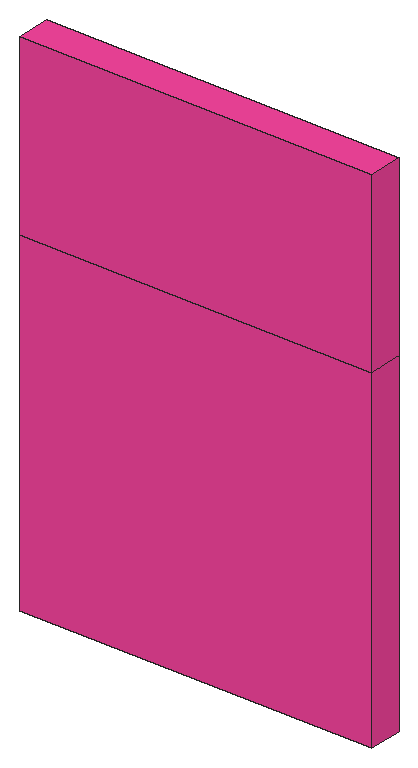
Revit family "EXP_WT-1C_CPan-002", category Curtain Panels, Revit 2021
Family settings
  OmniClass Number = 23.25.20.14.11.11.17
  OmniClass Title = Infill Panels
  Always vertical = Yes
  Cut with Voids When Loaded = No
  Shared = No
Parameters (values of type "H2 = 8'  5 1/2"")
  UI-UnitNumber [instance] = "001"
  UI-Quadrant [instance] = "SE"
  UI-ProjectAbbreviation = "NEU"
  UI-ItemCategory = "PID"
  UI-FloorNumber [instance] = "03"
  PNT-WallType = "WT1C"
  PNT-ProjectAbbreviation = "NEU"
  PNT-PanelType [instance] = "01"
  PNT-ItemCategory = "PNL"
  GlassH2 [instance] = MP-F(Glass)
  GlassH1 [instance] = MP-F(Glass)
  Define Thermal Properties by = Schematic Type
  CellSp = 0' - 10 3/16"
  CellL [instance] = 8' - 10"
  CellH2 = 8' - 5 1/2"
  CellH1 [instance] = CellH - CellH2  # 4' - 5 1/2"
  CellH [instance] = 12' - 11"
  Analytic Construction = "<None>"
Reference planes (in)
  plane 1 "Center (Front/Back)": y = 0
  plane 2: z = 0
  plane 3 "Center (Left/Right)": x = 0
  plane 4 "Left": x = -53
  plane 5 "Right": x = 53
  plane 6 "Top": z = 155
  plane 7: z = 101.5
  plane 8: y = -10.1875
Forms (in)
  Extrusion 1, solid, material "MP-F(Glass)" <- "GlassH2"
    sketch origin (0, 0, 0) x (0, 1, 0) y (0, 0, 1)
      loop
        line (-10.1875, 101.5) -> (-10.1875, 0) -> (0, 0) -> (0, 101.5) -> (-10.1875, 101.5)
    from -53 to 53
  Extrusion 2, solid, material "MP-F(Glass)" <- "GlassH1"
    sketch origin (0, 0, 0) x (0, 1, 0) y (0, 0, 1)
      loop
        line (-10.1875, 155) -> (-10.1875, 101.5) -> (0, 101.5) -> (0, 155) -> (-10.1875, 155)
    from -53 to 53
Text (in)
  text "Exterior" at (-92.59733, 55.75508, 0), in view "Ref. Level"
  text "Exterior" at (0, 90.18664, 173.49264), in view "Left"
  text "Exterior" at (0, 52.29083, 162.21847), in view "Right"
Dimensions and locks (in)
  equal spacing: plane 4 "Left", plane 3 "Center (Left/Right)", plane 5 "Right"  (x2)
  "CellH2": plane 2 to plane 7
  "CellH1": plane 7 to plane 6 "Top"
  Extrusion 2 sketch curve to Extrusion 2 sketch curve = 0' - 10 3/16"
  "CellL": plane 4 "Left" to plane 5 "Right"
  "CellH": plane 2 to plane 6 "Top"
  "CellSp": plane 8 to plane 1 "Center (Front/Back)"
  aligned and locked: level to plane 2
  aligned and locked: Extrusion 1 sketch curve to plane 7
  aligned and locked: plane 8 to Extrusion 1 sketch curve
  aligned and locked: level to Extrusion 1 sketch curve
  aligned and locked: plane 1 "Center (Front/Back)" to Extrusion 1 sketch curve
  aligned and locked: plane 4 "Left" to Extrusion 1
  aligned and locked: Extrusion 1 to plane 5 "Right"
  aligned and locked: plane 6 "Top" to Extrusion 2 sketch curve
  aligned and locked: plane 8 to Extrusion 2 sketch curve
  aligned and locked: Extrusion 2 to plane 5 "Right"
  aligned and locked: plane 4 "Left" to Extrusion 2
  aligned and locked: Extrusion 2 to plane 1 "Center (Front/Back)"
  aligned and locked: plane 1 "Center (Front/Back)" to nested 1
  aligned and locked: plane 5 "Right" to nested 1
  aligned and locked: Extrusion 1 to level
  aligned and locked: Extrusion 2 to plane 6 "Top"
  aligned and locked: plane 4 "Left" to nested 1
Automatic sketch dimensions
  Extrusion 2 sketch curve to plane 7 = 0' - 0"
Nested families (in)
  nested 1: "EXP_xx_DetO-002" at (0, 0, 0), CellH <- "CellH", CellL <- "CellL", type "EXP_xx_DetO-002", detail levels coarse
    with CellL 8' - 10", CellH 12' - 11"
Definition of nested family "EXP_xx_DetO-002"
  Parameters (values of type "EXP_xx_DetO-002")
    Default Elevation = 0' - 0"
    CellL [instance] = 5' - 4.56693"
    CellH [instance] = 5' - 2.99213"
  Reference planes (in)
    plane 1 "Center (Front/Back)": y = 0
    plane 2: z = 0
    plane 3 "Center (Left/Right)": x = 0
    plane 4: x = -32.28346
    plane 5: x = 32.28346
    plane 6: z = 62.99213
  Lines and regions (in)
    model lines
      curve 1: line (-32.28346, 0, 62.99213) -> (32.28346, 0, 0)
      curve 2: line (32.28346, 0, 62.99213) -> (-32.28346, 0, 0)
  Dimensions and locks (in)
    "CellH": plane 6 to level
    equal spacing: plane 4, plane 3 "Center (Left/Right)", plane 5
    "CellL": plane 4 to plane 5
    aligned and locked: level to plane 2
  Automatic sketch dimensions
    curve 2 to level = 0' - 0"
    plane 4 to curve 2 = 0' - 0"
    plane 4 to curve 1 = 0' - 0"
    plane 5 to curve 2 = 0' - 0"
    curve 1 to level = 0' - 0"
    plane 5 to curve 1 = 0' - 0"
    curve 2 to plane 6 = 0' - 0"
    curve 1 to plane 6 = 0' - 0"
